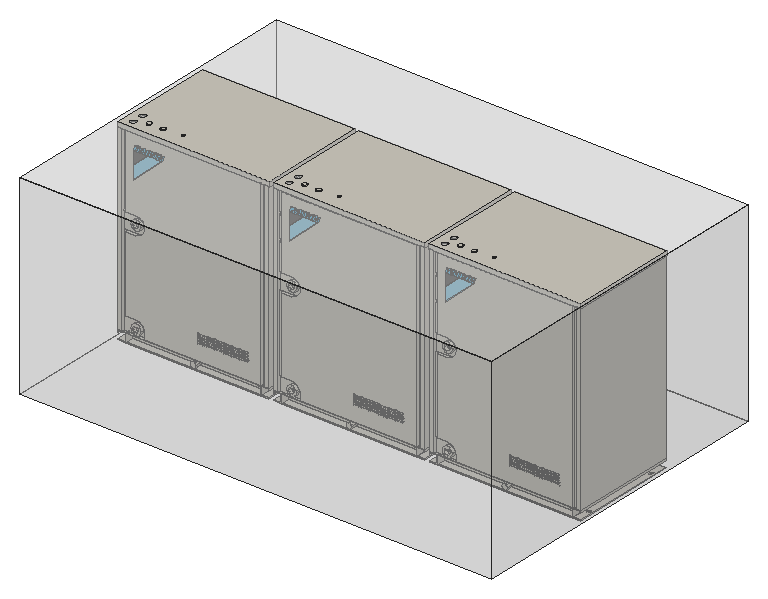
Revit family "outputfile", category 機械設備, Revit 2024 (continued)
Definition of nested family "DAIKIN_outdoorunit_RWEYQ-TY1S"
  Definition of nested family "outdoorunit_frontpanel"
    Dimensions and locks
      locked: plane 10 "Center L/T" to plane 1 "Center (Front/Back)" at 5
      aligned and locked: level to plane 2 "Bottom"
      aligned and locked: plane 8 "Left" to Extrusion 1 sketch curve
      aligned and locked: Extrusion 1 sketch curve to plane 4 "Back"
      aligned and locked: plane 5 "Front" to Extrusion 1 sketch curve
      aligned and locked: Extrusion 1 to plane 2 "Bottom"
      aligned and locked: plane 7 "Top" to Extrusion 1
      aligned and locked: plane 3 to plane 8 "Left"
      aligned and locked: plane 8 "Left" to Extrusion 2 sketch curve
      aligned and locked: Extrusion 2 sketch curve to plane 7 "Top"
      aligned and locked: plane 2 "Bottom" to Extrusion 2 sketch curve
      aligned and locked: Extrusion 2 sketch curve to plane 2 "Bottom"
      aligned and locked: plane 6 to Extrusion 2 sketch curve
      aligned and locked: plane 7 "Top" to Extrusion 2 sketch curve
      aligned and locked: Extrusion 2 to plane 1 "Center (Front/Back)"
      aligned and locked: plane 9 "Center L/S" to Extrusion 3
      aligned and locked: Extrusion 4 sketch curve to plane 7 "Top"
      aligned and locked: plane 2 "Bottom" to Extrusion 4 sketch curve
      aligned and locked: Extrusion 4 to plane 9 "Center L/S"
      aligned and locked: Extrusion 5 to plane 5 "Front"
      aligned and locked: plane 9 "Center L/S" to Extrusion 5
      aligned and locked: Extrusion 6 to plane 10 "Center L/T"
    Automatic sketch dimensions
      Extrusion 1 sketch curve to plane 6 = 0.0 mm
      Extrusion 3 sketch curve to plane 7 "Top" = 0.0 mm
      plane 3 to Extrusion 3 sketch curve = 2.0 mm  (x4)
      plane 3 to Extrusion 3 sketch curve = 10.5 mm
      Extrusion 3 sketch curve to Extrusion 3 sketch curve = 71.0 mm
      level to Extrusion 3 sketch curve = 31.0 mm
      Extrusion 3 sketch curve to plane 3 = 33.0 mm
      plane 6 to Extrusion 4 sketch curve = 236.161 mm
      Extrusion 5 sketch curve to Extrusion 5 sketch curve = 0.0 mm  (x4)
      plane 3 to Extrusion 5 sketch curve = 73.0 mm  (x2)
      level to Extrusion 5 sketch curve = 31.0 mm
      Extrusion 5 sketch curve to plane 7 "Top" = 420.0 mm
      level to Extrusion 6 sketch curve = 131.0 mm
      Extrusion 6 sketch curve to plane 6 = 345.2 mm
      Extrusion 6 sketch curve to Extrusion 6 sketch curve = 0.0 mm  (x40)
      Extrusion 6 sketch curve to Extrusion 6 sketch curve = 42.7 mm  (x2)
      Extrusion 6 sketch curve to Extrusion 6 sketch curve = 1.0 mm  (x32)
      Extrusion 6 sketch curve to Extrusion 6 sketch curve = 42.2 mm  (x4)
      Extrusion 6 sketch curve to Extrusion 6 sketch curve = 12.25 mm  (x7)
      Extrusion 6 sketch curve to Extrusion 6 sketch curve = 11.75 mm  (x9)
      radius of Extrusion 5 sketch curve = 25.0 mm  (x2)
      radius of Extrusion 5 sketch curve = 15.5 mm  (x2)
  Definition of nested family "outdoorunit_rightpanel1"
    Parameters (values of type "frontpanel1")
      width = 550.0 mm
      material [instance] = none
      height1 = 931.0 mm
      depth = 20.0 mm
      Default Elevation = 0.0 mm
    Reference planes
      plane 1 "Center (Front/Back)": y = 0
      plane 2 "Bottom": z = 0
      plane 3: x = 0
      plane 4 "Back": y = 10
      plane 5 "Front": y = -10
      plane 6: x = 550
      plane 7 "Top": z = 931
      plane 8 "Left": x = 0
      plane 9: y = -8.75
      plane 10: z = 639
      plane 11: y = -5.75
      plane 12: y = -2.551
      plane 13: y = -13
      plane 14: x = 275
    Forms (mm)
      Extrusion 1, solid, material <- "material"
        sketch origin (0, 0, 0) x (1, 0, 0) y (0, 1, 0)
          loop
            line (0, 10) -> (0, -10) -> (550, -10) -> (550, 10) -> (0, 10)
        from 0 to 931
    Dimensions and locks
      equal spacing: plane 4 "Back", plane 1 "Center (Front/Back)", plane 5 "Front"
      "depth": plane 4 "Back" to plane 5 "Front"
      "width": plane 8 "Left" to plane 6
      "height1": plane 7 "Top" to plane 2 "Bottom"
      locked: plane 10 to plane 2 "Bottom" at 639
      locked: plane 12 to plane 11 at 3.199
      plane 5 "Front" to plane 13 = 3.0 mm
      equal spacing: plane 8 "Left", plane 14, plane 6
      aligned and locked: level to plane 2 "Bottom"
      aligned and locked: plane 8 "Left" to Extrusion 1 sketch curve
      aligned and locked: Extrusion 1 sketch curve to plane 4 "Back"
      aligned and locked: plane 5 "Front" to Extrusion 1 sketch curve
      aligned and locked: Extrusion 1 to plane 2 "Bottom"
      aligned and locked: plane 7 "Top" to Extrusion 1
      aligned and locked: plane 3 to plane 8 "Left"
    Automatic sketch dimensions
      Extrusion 1 sketch curve to plane 6 = 0.0 mm
  Definition of nested family "outdoorunit_backpanel"
    Parameters (values of type "frontpanel1")
      width = 736.0 mm
      material [instance] = none
      height1 = 931.0 mm
      depth = 20.0 mm
      Default Elevation = 0.0 mm
    Reference planes
      plane 1 "Center (Front/Back)": y = 0
      plane 2 "Bottom": z = 0
      plane 3: x = 0
      plane 4 "Back": y = 10
      plane 5 "Front": y = -10
      plane 6: x = 736
      plane 7 "Top": z = 931
      plane 8 "Left": x = 0
      plane 9: z = 639
      plane 10: x = 368
    Forms (mm)
      Extrusion 1, solid, material <- "material"
        sketch origin (0, 0, 0) x (1, 0, 0) y (0, 1, 0)
          loop
            line (0, 10) -> (0, -10) -> (736, -10) -> (736, 10) -> (0, 10)
        from 0 to 931
      Extrusion 2, void
        sketch origin (0, 0, 0) x (1, 0, 0) y (0, 1, 0)
          loop
            line (0, -4) -> (0, -10) -> (21, -10) -> (21, -7) -> (2, -7) -> (2, -4) -> (0, -4)
          loop
            line (736, -4) -> (734, -4) -> (734, -7) -> (715, -7) -> (715, -10) -> (736, -10) -> (736, -4)
        from 0 to 931
    Cuts and joins
      Extrusion 2 cuts Extrusion 1
    Dimensions and locks
      equal spacing: plane 4 "Back", plane 1 "Center (Front/Back)", plane 5 "Front"
      "depth": plane 4 "Back" to plane 5 "Front"
      "width": plane 8 "Left" to plane 6
      "height1": plane 7 "Top" to plane 2 "Bottom"
      locked: plane 9 to plane 2 "Bottom" at 639
      equal spacing: plane 8 "Left", plane 10, plane 6
      aligned and locked: level to plane 2 "Bottom"
      aligned and locked: plane 8 "Left" to Extrusion 1 sketch curve
      aligned and locked: Extrusion 1 sketch curve to plane 4 "Back"
      aligned and locked: plane 5 "Front" to Extrusion 1 sketch curve
      aligned and locked: Extrusion 1 to plane 2 "Bottom"
      aligned and locked: plane 7 "Top" to Extrusion 1
      aligned and locked: plane 3 to plane 8 "Left"
    Automatic sketch dimensions
      Extrusion 1 sketch curve to plane 6 = 0.0 mm
      Extrusion 2 sketch curve to plane 3 = 0.0 mm
      Extrusion 2 sketch curve to plane 5 "Front" = 0.0 mm  (x2)
      Extrusion 2 sketch curve to plane 6 = 0.0 mm
      plane 3 to Extrusion 2 sketch curve = 2.0 mm
      Extrusion 2 sketch curve to Extrusion 2 sketch curve = 19.0 mm
      Extrusion 2 sketch curve to Extrusion 2 sketch curve = 21.0 mm
      Extrusion 2 sketch curve to plane 6 = 2.0 mm
      Extrusion 2 sketch curve to Extrusion 2 sketch curve = 3.0 mm  (x4)
  Definition of nested family "outdoorunit_leftpanel"
    Parameters (values of type "frontpanel1")
      width = 550.0 mm
      material [instance] = none
      height1 = 931.0 mm
      depth = 20.0 mm
      Default Elevation = 0.0 mm
    Reference planes
      plane 1 "Center (Front/Back)": y = 0
      plane 2 "Bottom": z = 0
      plane 3: x = 0
      plane 4 "Back": y = 10
      plane 5 "Front": y = -10
      plane 6: x = 550
      plane 7 "Top": z = 931
      plane 8 "Left": x = 0
      plane 9: y = -8.75
      plane 10: z = 639
      plane 11: y = -5.75
      plane 12: y = -2.551
      plane 13: y = -13
      plane 14: x = 275
    Forms (mm)
      Extrusion 1, solid, material <- "material"
        sketch origin (0, 0, 0) x (1, 0, 0) y (0, 1, 0)
          loop
            line (0, 10) -> (0, -10) -> (550, -10) -> (550, 10) -> (0, 10)
        from 0 to 931
    Dimensions and locks
      equal spacing: plane 4 "Back", plane 1 "Center (Front/Back)", plane 5 "Front"
      "depth": plane 4 "Back" to plane 5 "Front"
      "width": plane 8 "Left" to plane 6
      "height1": plane 7 "Top" to plane 2 "Bottom"
      locked: plane 10 to plane 2 "Bottom" at 639
      locked: plane 12 to plane 11 at 3.199
      plane 5 "Front" to plane 13 = 3.0 mm
      equal spacing: plane 8 "Left", plane 14, plane 6
      aligned and locked: level to plane 2 "Bottom"
      aligned and locked: plane 8 "Left" to Extrusion 1 sketch curve
      aligned and locked: Extrusion 1 sketch curve to plane 4 "Back"
      aligned and locked: plane 5 "Front" to Extrusion 1 sketch curve
      aligned and locked: Extrusion 1 to plane 2 "Bottom"
      aligned and locked: plane 7 "Top" to Extrusion 1
      aligned and locked: plane 3 to plane 8 "Left"
    Automatic sketch dimensions
      Extrusion 1 sketch curve to plane 6 = 0.0 mm
  Definition of nested family "outdoorunit_uppanel"
    Parameters (values of type "frontpanel1")
      width = 780.0 mm
      material [instance] = none
      height1 = 550.0 mm
      depth = 24.0 mm
      Default Elevation = 0.0 mm
    Reference planes
      plane 1 "Center (Front/Back)": y = 0
      plane 2 "Bottom": z = 0
      plane 3: x = 0
      plane 4 "Back": y = 12
      plane 5 "Front": y = -12
      plane 6: x = 780
      plane 7 "Top": z = 550
      plane 8 "Left": x = 0
      plane 9: y = -8.75
      plane 10: z = 639
      plane 11: y = -5.75
      plane 12: y = -2.551
    Forms (mm)
      Extrusion 1, solid, material <- "material"
        sketch origin (0, 0, 0) x (1, 0, 0) y (0, 1, 0)
          loop
            line (0, 12) -> (0, -12) -> (780, -12) -> (780, 12) -> (0, 12)
        from 0 to 550
      Extrusion 2, void
        sketch origin (0, 0, 0) x (1, 0, 0) y (0, 0, 1)
          loop
            circle (51, 38) r 14.5
          loop
            circle (51, 98) r 14.5
        from 9 to 12
    Cuts and joins
      Extrusion 2 cuts Extrusion 1
    Dimensions and locks
      equal spacing: plane 4 "Back", plane 1 "Center (Front/Back)", plane 5 "Front"
      "depth": plane 4 "Back" to plane 5 "Front"
      "width": plane 8 "Left" to plane 6
      "height1": plane 7 "Top" to plane 2 "Bottom"
      locked: plane 10 to plane 2 "Bottom" at 639
      locked: Extrusion 2 sketch curve to plane 8 "Left" at 51  (x2)
      locked: Extrusion 2 sketch curve to level at 38
      locked: Extrusion 2 sketch curve to Extrusion 2 sketch curve at 60
      aligned and locked: level to plane 2 "Bottom"
      aligned and locked: plane 8 "Left" to Extrusion 1 sketch curve
      aligned and locked: Extrusion 1 sketch curve to plane 4 "Back"
      aligned and locked: Extrusion 1 sketch curve to plane 5 "Front"
      aligned and locked: Extrusion 1 to plane 2 "Bottom"
      aligned and locked: plane 7 "Top" to Extrusion 1
      aligned and locked: plane 3 to plane 8 "Left"
    Automatic sketch dimensions
      Extrusion 1 sketch curve to plane 6 = 0.0 mm
      radius of Extrusion 2 sketch curve = 14.5 mm  (x2)
  Definition of nested family "outdoorunit_downpanel"
    Parameters (values of type "frontpanel1")
      width = 736.0 mm
      material [instance] = none
      height1 = 510.0 mm
      depth = 20.0 mm
      Default Elevation = 0.0 mm
    Reference planes
      plane 1 "Center (Front/Back)": y = 0
      plane 2 "Bottom": z = 0
      plane 3: x = 0
      plane 4 "Back": y = 10
      plane 5 "Front": y = -10
      plane 6: x = 736
      plane 7 "Top": z = 510
      plane 8 "Left": x = 0
      plane 9: z = 255
      plane 10: y = -18
      plane 11: y = 6
      plane 12: y = 8
      plane 13: x = 368
    Forms (mm)
      Extrusion 1, solid, material <- "material"
        sketch origin (0, 0, 0) x (1, 0, 0) y (0, 1, 0)
          loop
            line (0, 10) -> (0, -10) -> (736, -10) -> (736, 10) -> (0, 10)
        from 0 to 510
    Dimensions and locks
      equal spacing: plane 4 "Back", plane 1 "Center (Front/Back)", plane 5 "Front"
      "depth": plane 4 "Back" to plane 5 "Front"
      "width": plane 8 "Left" to plane 6
      "height1": plane 7 "Top" to plane 2 "Bottom"
      plane 4 "Back" to plane 11 = 4.0 mm
      plane 4 "Back" to plane 12 = 2.0 mm
      equal spacing: plane 8 "Left", plane 13, plane 6
      equal spacing: plane 7 "Top", plane 9, plane 2 "Bottom"
      aligned and locked: level to plane 2 "Bottom"
      aligned and locked: plane 8 "Left" to Extrusion 1 sketch curve
      aligned and locked: Extrusion 1 sketch curve to plane 4 "Back"
      aligned and locked: plane 5 "Front" to Extrusion 1 sketch curve
      aligned and locked: Extrusion 1 to plane 2 "Bottom"
      aligned and locked: plane 7 "Top" to Extrusion 1
      aligned and locked: plane 3 to plane 8 "Left"
    Automatic sketch dimensions
      Extrusion 1 sketch curve to plane 6 = 0.0 mm
  Definition of nested family "daikin_mountinghole"
    Parameters (values of type "daikin_mountinghole")
      Default Elevation = 1219.2 mm
      Type Comments = "mountinghole"
      show [instance] = yes
      material = none
      l_centerline = 100.0 mm
      l_antenna [instance] = 100.0 mm
      h_mountinghole [instance] = 0.0 mm
      d_circle = 30.0 mm
      Link_Nested Family [instance] = ""
    Reference planes
      plane 1 "Center (Front/Back)": y = 0
      plane 2: z = 0
      plane 3 "Center (Left/Right)": x = 0
      plane 4: y = 50
      plane 5: x = -50
      plane 6: x = 50
      plane 7: y = -50
      plane 8 "h_mountinghole": z = 0
      plane 9: z = 100
    Lines and regions (mm)
      model lines, detail levels fine
        curve 1: circle (0, 0, 0) r 15 normal (0, 0, 1)
        curve 2: line (-50, 0, 0) -> (50, 0, 0)
        curve 3: line (0, 50, 0) -> (0, -50, 0)
      symbolic lines, detail levels fine
        curve 4: circle (0, 0, 0) r 15 normal (0, 0, 1)
        curve 5: line (-50, 0, 0) -> (50, 0, 0)
        curve 6: line (0, 50, 0) -> (0, -50, 0)
      model lines
        curve 7: line (0, 0, 100) -> (0, 0, 0)
    Dimensions and locks
      equal spacing: plane 4, plane 1 "Center (Front/Back)", plane 7
      "l_centerline": plane 4 to plane 7
      equal spacing: plane 5, plane 3 "Center (Left/Right)", plane 6
      "l_centerline": plane 5 to plane 6
      "l_antenna": plane 9 to plane 8 "h_mountinghole"
      "h_mountinghole": plane 8 "h_mountinghole" to plane 2
      "d_circle": diameter of curve 1
      "d_circle": diameter of curve 4
      aligned and locked: level to plane 2
      aligned and locked: plane 1 "Center (Front/Back)" to curve 1
      aligned and locked: plane 3 "Center (Left/Right)" to curve 1
      aligned and locked: plane 1 "Center (Front/Back)" to curve 2
      aligned and locked: curve 3 to plane 3 "Center (Left/Right)"
      aligned and locked: plane 6 to curve 2
      aligned and locked: plane 5 to curve 2
      aligned and locked: plane 4 to curve 3
      aligned and locked: plane 7 to curve 3
      aligned and locked: plane 1 "Center (Front/Back)" to curve 4
      aligned and locked: plane 3 "Center (Left/Right)" to curve 4
      aligned and locked: plane 6 to curve 5
      aligned and locked: plane 5 to curve 5
      aligned and locked: plane 1 "Center (Front/Back)" to curve 5
      aligned and locked: plane 4 to curve 6
      aligned and locked: plane 7 to curve 6
      aligned and locked: curve 6 to plane 3 "Center (Left/Right)"
      aligned and locked: curve 7 to plane 3 "Center (Left/Right)"
      aligned and locked: plane 9 to curve 7
      aligned and locked: plane 8 "h_mountinghole" to curve 7
Definition of nested family "daikin_clearancespace"
  Parameters (values of type "daikin_clearancespace")
    Description = "daikin_clearancespace"
    width [instance] = 1823.963 mm
    show [instance] = yes
    material = none
    height [instance] = 1359.762 mm
    depth [instance] = 880.0 mm
    Default Elevation = 0.0 mm
    Link_Nested Family [instance] = ""
  Reference planes
    plane 1 "Center (Front/Back)": y = 0
    plane 2 "Center (Elevation)": z = -0.119
    plane 3 "Center (Left/Right)": x = 0
    plane 4: y = 440
    plane 5: y = -440
    plane 6 "Right": x = 911.982
    plane 7 "Left": x = -911.982
    plane 8 "Top": z = 679.762
    plane 9 "Bottom": z = -680
  Forms (mm)
    Extrusion 1, solid, material <- "material", visible <- "show"
      sketch origin (0, 0, 0) x (1, 0, 0) y (0, 1, 0)
        loop
          line (-911.982, 440) -> (-911.982, -440) -> (911.982, -440) -> (911.982, 440) -> (-911.982, 440)
      from -680 to 679.762
  Lines and regions (mm)
    symbolic lines, visible <- "show"
      curve 1: line (911.982, 440, 0) -> (-911.982, 440, 0)
      curve 2: line (-911.982, 440, 0) -> (-911.982, -440, 0)
      curve 3: line (-911.982, -440, 0) -> (911.982, -440, 0)
      curve 4: line (911.982, -440, 0) -> (911.982, 440, 0)
      curve 5: line (911.982, 0, 679.762) -> (-911.982, 0, 679.762)
      curve 6: line (911.982, 0, -680) -> (911.982, 0, 679.762)
      curve 7: line (-911.982, 0, -680) -> (911.982, 0, -680)
      curve 8: line (-911.982, 0, 679.762) -> (-911.982, 0, -680)
      curve 9: line (0, 440, 679.762) -> (0, -440, 679.762)
      curve 10: line (0, -440, 679.762) -> (0, -440, -680)
      curve 11: line (0, 440, -680) -> (0, 440, 679.762)
      curve 12: line (0, -440, -680) -> (0, 440, -680)
  Dimensions and locks
    "width": plane 7 "Left" to plane 6 "Right"
    "depth": plane 4 to plane 5
    "height": plane 8 "Top" to plane 9 "Bottom"
    equal spacing: plane 7 "Left", plane 3 "Center (Left/Right)", plane 6 "Right"
    equal spacing: plane 4, plane 1 "Center (Front/Back)", plane 5
    equal spacing: plane 8 "Top", plane 2 "Center (Elevation)", plane 9 "Bottom"
    aligned and locked: level to plane 2 "Center (Elevation)"
    aligned and locked: Extrusion 1 sketch curve to plane 4
    aligned and locked: plane 7 "Left" to Extrusion 1 sketch curve
    aligned and locked: Extrusion 1 sketch curve to plane 5
    aligned and locked: Extrusion 1 sketch curve to plane 6 "Right"
    aligned and locked: plane 8 "Top" to Extrusion 1
    aligned and locked: curve 1 to Extrusion 1
    aligned and locked: curve 2 to Extrusion 1
    aligned and locked: curve 3 to Extrusion 1
    aligned and locked: curve 4 to Extrusion 1
    aligned and locked: curve 5 to Extrusion 1
    aligned and locked: curve 6 to Extrusion 1
    aligned and locked: curve 7 to Extrusion 1
    aligned and locked: curve 8 to Extrusion 1
    aligned and locked: curve 9 to Extrusion 1
    aligned and locked: curve 10 to Extrusion 1
    aligned and locked: curve 11 to Extrusion 1
    aligned and locked: curve 12 to Extrusion 1
    aligned and locked: Extrusion 1 to plane 9 "Bottom"
Definition of nested family "daikin_logo_elevation_w150"
  Parameters (values of type "daikin_logo_elevation_w150")
    width = 150.0 mm
    show_logo [instance] = yes
    material = none
    height = 180.0 mm
    depth = 5.0 mm
    Default Elevation = 0.0 mm
  Reference planes
    plane 1 "Center (Front/Back)": y = 0
    plane 2: z = 0
    plane 3 "Center (Left/Right)": x = 0
    plane 4 "top": z = 180
    plane 5: z = 155.432
    plane 6 "left": x = -90
    plane 7 "right": x = 60
    plane 8: y = -5
  Forms (mm)
    Extrusion 1, solid, visible <- "show_logo"
      sketch origin (0, 0, 0) x (1, 0, 0) y (0, 0, 1)
        loop
          line (-90, 22.832) -> (54.211, 155.432) -> (-19.804, 155.432) -> (-90, 91.131) -> (-90, 22.832)
      from 0 to 5
    Extrusion 2, solid, visible <- "show_logo"
      sketch origin (0, 0, 0) x (1, 0, 0) y (0, 0, 1)
        loop
          line (-90, 155.432) -> (-90, 91.131) -> (-19.804, 155.432) -> (-90, 155.432)
      from 0 to 5
    Extrusion 3, solid, visible <- "show_logo"
      sketch origin (0, 0, 0) x (1, 0, 0) y (0, 0, 1)
        loop
          line (-73.294, 180) -> (-84.431, 180) -> (-90, 157.726) -> (-73.294, 157.726)
          arc (-73.294, 157.726) -> (-66.673, 159.069) -> (-61.582, 163.51) r 13.209
          arc (-61.582, 163.51) -> (-59.344, 169.288) -> (-60.109, 175.436) r 12.685
          arc (-60.109, 175.436) -> (-61.683, 177.678) -> (-64.031, 179.088) r 6.606
          arc (-64.031, 179.088) -> (-68.629, 179.878) -> (-73.294, 180) r 32.396
        loop
          line (-78.863, 162.18) -> (-74.408, 162.18)
          arc (-74.408, 162.18) -> (-70.986, 164.473) -> (-69.002, 168.082) r 8.708
          arc (-69.002, 168.082) -> (-68.734, 170.84) -> (-69.386, 173.533) r 8.337
          arc (-69.386, 173.533) -> (-70.358, 174.487) -> (-71.624, 174.988) r 3.442
          line (-71.624, 174.988) -> (-76.078, 174.988) -> (-78.863, 162.18)
        loop
          line (-61.043, 157.726) -> (-54.918, 157.726) -> (-52.829, 161.624) -> (-44.059, 161.624) -> (-43.223, 157.726) -> (-33.2, 157.726) -> (-37.655, 180) -> (-48.792, 180) -> (-61.043, 157.726)
        loop
          line (-50.145, 166.635) -> (-45.133, 166.635) -> (-46.565, 173.318) -> (-50.145, 166.635)
        loop
          line (-24.847, 180) -> (-30.416, 157.726) -> (-20.949, 157.726) -> (-15.38, 180) -> (-24.847, 180)
        loop
          line (-15.38, 157.726) -> (-5.914, 157.726) -> (-4.4, 163.779) -> (0.212, 157.726) -> (11.906, 157.726) -> (2.996, 169.42) -> (15.804, 180) -> (5.78, 180) -> (-1.94, 173.623) -> (-0.345, 180) -> (-9.812, 180) -> (-15.38, 157.726)
        loop
          line (20.259, 180) -> (14.133, 157.726) -> (24.157, 157.726) -> (29.725, 180) -> (20.259, 180)
        loop
          line (29.725, 157.726) -> (36.408, 157.726) -> (39.555, 170.315) -> (43.647, 157.726) -> (54.784, 157.726) -> (60.353, 180) -> (53.671, 180) -> (50.281, 166.442) -> (45.874, 180) -> (35.294, 180) -> (29.725, 157.726)
      from 0 to 5
  Dimensions and locks
    "height": plane 4 "top" to plane 2
    locked: plane 4 "top" to plane 5 at 24.568
    "width": plane 6 "left" to plane 7 "right"
    "depth": plane 8 to plane 1 "Center (Front/Back)"
    aligned and locked: level to plane 2
    aligned and locked: plane 4 "top" to Extrusion 3  (x8)
    aligned and locked: plane 5 to Extrusion 1
    aligned and locked: plane 5 to Extrusion 2
    aligned and locked: plane 6 "left" to Extrusion 2
    aligned and locked: plane 6 "left" to Extrusion 1
    aligned and locked: Extrusion 3 to plane 8
    aligned and locked: Extrusion 1 to plane 8
    aligned and locked: Extrusion 2 to plane 8
  Automatic sketch dimensions
    level to Extrusion 1 sketch curve = 22.832 mm
    Extrusion 1 sketch curve to Extrusion 1 sketch curve = 68.298 mm
    Extrusion 1 sketch curve to plane 4 "top" = 24.568 mm
    Extrusion 1 sketch curve to plane 3 "Center (Left/Right)" = 19.804 mm
    Extrusion 2 sketch curve to plane 4 "top" = 24.568 mm
    Extrusion 2 sketch curve to plane 3 "Center (Left/Right)" = 19.804 mm
    Extrusion 2 sketch curve to Extrusion 2 sketch curve = 64.302 mm
    Extrusion 3 sketch curve to plane 4 "top" = 0.0 mm  (x8)
    Extrusion 3 sketch curve to plane 4 "top" = 0.912 mm
    Extrusion 3 sketch curve to Extrusion 3 sketch curve = 2.154 mm
    Extrusion 3 sketch curve to Extrusion 3 sketch curve = 6.245 mm
    Extrusion 3 sketch curve to plane 4 "top" = 4.564 mm
    Extrusion 3 sketch curve to Extrusion 3 sketch curve = 5.748 mm
    Extrusion 3 sketch curve to Extrusion 3 sketch curve = 2.001 mm
    Extrusion 3 sketch curve to Extrusion 3 sketch curve = 4.603 mm
    Extrusion 3 sketch curve to Extrusion 3 sketch curve = 0.59 mm
    Extrusion 3 sketch curve to Extrusion 3 sketch curve = 0.07 mm
    Extrusion 3 sketch curve to Extrusion 3 sketch curve = 1.49 mm
    Extrusion 3 sketch curve to plane 4 "top" = 5.012 mm
    Extrusion 3 sketch curve to Extrusion 3 sketch curve = 3.556 mm
    Extrusion 3 sketch curve to Extrusion 3 sketch curve = 5.569 mm  (x3)
    Extrusion 3 sketch curve to Extrusion 3 sketch curve = 0.309 mm
    Extrusion 3 sketch curve to Extrusion 3 sketch curve = 4.455 mm  (x4)
    Extrusion 3 sketch curve to Extrusion 3 sketch curve = 0.288 mm
    Extrusion 3 sketch curve to Extrusion 3 sketch curve = 0.689 mm
    Extrusion 3 sketch curve to Extrusion 3 sketch curve = 2.238 mm
    Extrusion 3 sketch curve to Extrusion 3 sketch curve = 4.528 mm
    Extrusion 3 sketch curve to Extrusion 3 sketch curve = 0.658 mm
    Extrusion 3 sketch curve to Extrusion 3 sketch curve = 2.931 mm
    Extrusion 3 sketch curve to Extrusion 3 sketch curve = 0.357 mm
    Extrusion 3 sketch curve to Extrusion 3 sketch curve = 0.101 mm
    Extrusion 3 sketch curve to Extrusion 3 sketch curve = 11.317 mm
    Extrusion 3 sketch curve to Extrusion 3 sketch curve = 0.539 mm
    Extrusion 3 sketch curve to Extrusion 3 sketch curve = 11.137 mm  (x2)
    Extrusion 3 sketch curve to Extrusion 3 sketch curve = 5.784 mm
    Extrusion 3 sketch curve to Extrusion 3 sketch curve = 10.024 mm  (x3)
    Extrusion 3 sketch curve to Extrusion 3 sketch curve = 0.835 mm
    Extrusion 3 sketch curve to Extrusion 3 sketch curve = 8.771 mm
    Extrusion 3 sketch curve to Extrusion 3 sketch curve = 2.088 mm
    Extrusion 3 sketch curve to Extrusion 3 sketch curve = 3.898 mm
    Extrusion 3 sketch curve to plane 4 "top" = 6.682 mm
    Extrusion 3 sketch curve to Extrusion 3 sketch curve = 2.227 mm  (x2)
    Extrusion 3 sketch curve to Extrusion 3 sketch curve = 2.685 mm
    Extrusion 3 sketch curve to plane 4 "top" = 13.365 mm
    Extrusion 3 sketch curve to Extrusion 3 sketch curve = 5.012 mm
    Extrusion 3 sketch curve to Extrusion 3 sketch curve = 12.808 mm
    Extrusion 3 sketch curve to Extrusion 3 sketch curve = 2.784 mm
    Extrusion 3 sketch curve to Extrusion 3 sketch curve = 9.467 mm  (x4)
    Extrusion 3 sketch curve to Extrusion 3 sketch curve = 0.0 mm  (x5)
    Extrusion 3 sketch curve to Extrusion 3 sketch curve = 5.568 mm  (x2)
    Extrusion 3 sketch curve to plane 3 "Center (Left/Right)" = 0.345 mm
    Extrusion 3 sketch curve to plane 3 "Center (Left/Right)" = 1.94 mm
    Extrusion 3 sketch curve to plane 4 "top" = 6.377 mm
    plane 3 "Center (Left/Right)" to Extrusion 3 sketch curve = 5.78 mm
    plane 3 "Center (Left/Right)" to Extrusion 3 sketch curve = 2.996 mm
    Extrusion 3 sketch curve to Extrusion 3 sketch curve = 4.203 mm
    plane 3 "Center (Left/Right)" to Extrusion 3 sketch curve = 11.906 mm
    Extrusion 3 sketch curve to Extrusion 3 sketch curve = 11.694 mm
    plane 3 "Center (Left/Right)" to Extrusion 3 sketch curve = 0.212 mm
    Extrusion 3 sketch curve to plane 3 "Center (Left/Right)" = 4.4 mm
    Extrusion 3 sketch curve to Extrusion 3 sketch curve = 6.053 mm
    Extrusion 3 sketch curve to plane 3 "Center (Left/Right)" = 5.914 mm
    Extrusion 3 sketch curve to Extrusion 3 sketch curve = 10.581 mm
    Extrusion 3 sketch curve to plane 4 "top" = 13.558 mm
    Extrusion 3 sketch curve to Extrusion 3 sketch curve = 4.406 mm
    Extrusion 3 sketch curve to Extrusion 3 sketch curve = 7.796 mm
    Extrusion 3 sketch curve to Extrusion 3 sketch curve = 6.682 mm  (x2)
    Extrusion 3 sketch curve to Extrusion 3 sketch curve = 4.503 mm
    Extrusion 3 sketch curve to Extrusion 3 sketch curve = 8.716 mm
    Extrusion 3 sketch curve to Extrusion 3 sketch curve = 6.634 mm
    Extrusion 3 sketch curve to plane 4 "top" = 9.685 mm
    Extrusion 3 sketch curve to Extrusion 3 sketch curve = 4.261 mm
    Extrusion 3 sketch curve to Extrusion 3 sketch curve = 1.67 mm
    Extrusion 3 sketch curve to Extrusion 3 sketch curve = 8.353 mm
    Extrusion 1 sketch curve to plane 3 "Center (Left/Right)" = 90.0 mm
    Extrusion 2 sketch curve to Extrusion 2 sketch curve = 70.196 mm
    plane 3 "Center (Left/Right)" to Extrusion 1 sketch curve = 54.211 mm
Definition of nested family "daikin_mountinghole"
  Parameters (values of type "daikin_mountinghole")
    Default Elevation = 1219.2 mm
    Type Comments = "mountinghole"
    show [instance] = yes
    material = none
    l_centerline = 100.0 mm
    l_antenna [instance] = 100.0 mm
    h_mountinghole [instance] = 0.0 mm
    d_circle = 30.0 mm
    Link_Nested Family [instance] = ""
  Reference planes
    plane 1 "Center (Front/Back)": y = 0
    plane 2: z = 0
    plane 3 "Center (Left/Right)": x = 0
    plane 4: y = 50
    plane 5: x = -50
    plane 6: x = 50
    plane 7: y = -50
    plane 8 "h_mountinghole": z = 0
    plane 9: z = 100
  Lines and regions (mm)
    model lines, detail levels fine
      curve 1: circle (0, 0, 0) r 15 normal (0, 0, 1)
      curve 2: line (-50, 0, 0) -> (50, 0, 0)
      curve 3: line (0, 50, 0) -> (0, -50, 0)
    symbolic lines, detail levels fine
      curve 4: circle (0, 0, 0) r 15 normal (0, 0, 1)
      curve 5: line (-50, 0, 0) -> (50, 0, 0)
      curve 6: line (0, 50, 0) -> (0, -50, 0)
    model lines
      curve 7: line (0, 0, 100) -> (0, 0, 0)
  Dimensions and locks
    equal spacing: plane 4, plane 1 "Center (Front/Back)", plane 7
    "l_centerline": plane 4 to plane 7
    equal spacing: plane 5, plane 3 "Center (Left/Right)", plane 6
    "l_centerline": plane 5 to plane 6
    "l_antenna": plane 9 to plane 8 "h_mountinghole"
    "h_mountinghole": plane 8 "h_mountinghole" to plane 2
    "d_circle": diameter of curve 1
    "d_circle": diameter of curve 4
    aligned and locked: level to plane 2
    aligned and locked: plane 1 "Center (Front/Back)" to curve 1
    aligned and locked: plane 3 "Center (Left/Right)" to curve 1
    aligned and locked: plane 1 "Center (Front/Back)" to curve 2
    aligned and locked: curve 3 to plane 3 "Center (Left/Right)"
    aligned and locked: plane 6 to curve 2
    aligned and locked: plane 5 to curve 2
    aligned and locked: plane 4 to curve 3
    aligned and locked: plane 7 to curve 3
    aligned and locked: plane 1 "Center (Front/Back)" to curve 4
    aligned and locked: plane 3 "Center (Left/Right)" to curve 4
    aligned and locked: plane 6 to curve 5
    aligned and locked: plane 5 to curve 5
    aligned and locked: plane 1 "Center (Front/Back)" to curve 5
    aligned and locked: plane 4 to curve 6
    aligned and locked: plane 7 to curve 6
    aligned and locked: curve 6 to plane 3 "Center (Left/Right)"
    aligned and locked: curve 7 to plane 3 "Center (Left/Right)"
    aligned and locked: plane 9 to curve 7
    aligned and locked: plane 8 "h_mountinghole" to curve 7
Definition of nested family "daikin_connector_rotate3"
  Parameters (values of type "daikin_connector_rotate3")
    show [instance] = yes
    radius [instance] = 10.0 mm
    length [instance] = 600.0 mm
    angle_horizontal [instance] = 60.00°
    angle_vertical [instance] = 90.00°
    Default Elevation = 0.0 mm
  Reference planes
    plane 1 "Center (Front/Back)": y = 0
    plane 2: z = 0
    plane 3 "Center (Left/Right)": x = 0
  Dimensions and locks
    "angle_horizontal": angle plane 3 "Center (Left/Right)" to nested 1
    aligned and locked: level to plane 2
    aligned and locked: plane 1 "Center (Front/Back)" to nested 1  (x2)
    aligned and locked: plane 3 "Center (Left/Right)" to nested 1
  Nested families
    nested 1: "daikin_connector_rotate2" at (0, 0, 0) x (0.5, 0.866, 0) z (0, 0, 1), angle_vertical <- "angle_vertical", length <- "length", radius <- "radius", type "daikin_connector_rotate2"
      with radius 10.0 mm, length 600.0 mm, angle_vertical 90.00°
  Definition of nested family "daikin_connector_rotate2"
    Parameters (values of type "daikin_connector_rotate2")
      show_face = yes
      radius [instance] = 10.0 mm
      length [instance] = 600.0 mm
      d_surface = 10.0 mm
      angle_vertical [instance] = 90.00°
      Default Elevation = 0.0 mm
    Reference planes
      plane 1 "Center (Front/Back)": y = 0
      plane 2: z = 0
      plane 3 "Center (Left/Right)": x = 0
    Forms (mm)
      Extrusion 1, solid, visible <- "show_face"
        sketch origin (0, -600, 0) x (1, 0, 0) y (0, 0, 1)
          loop
            circle (0, 0) r 10
        from 0 to -10
    Lines and regions (mm)
      reference lines
        curve 1: line (0, 0, 0) -> (0, -600, 0)
      symbolic lines
        curve 2: circle (0, 0, 0) r 5 normal (0, 0, 1)
      model lines, visible <- "show_face"
        curve 3: line (0, 0, 0) -> (0, -600, 0)
    Dimensions and locks
      "length": curve 1 to curve 1
      "length": curve 3 to curve 3
      "d_surface": Extrusion 1 to Extrusion 1
      "radius": radius of Extrusion 1 sketch curve
      "angle_vertical": angle curve 1 to plane 1 "Center (Front/Back)"
      "angle_vertical": angle curve 3 to plane 1 "Center (Front/Back)"
      aligned and locked: level to plane 2
      aligned and locked: plane 1 "Center (Front/Back)" to curve 1
      aligned and locked: plane 2 to curve 1
      aligned and locked: plane 1 "Center (Front/Back)" to curve 2
      aligned and locked: plane 3 "Center (Left/Right)" to curve 2
      aligned and locked: plane 1 "Center (Front/Back)" to curve 3
      aligned and locked: plane 2 to curve 3
      aligned and locked: Extrusion 1 to Extrusion 1
    Automatic sketch dimensions
      Extrusion 1 sketch curve to level = 0.0 mm
      Extrusion 1 sketch curve to plane 3 "Center (Left/Right)" = 0.0 mm
      radius of curve 2 = 5.0 mm
